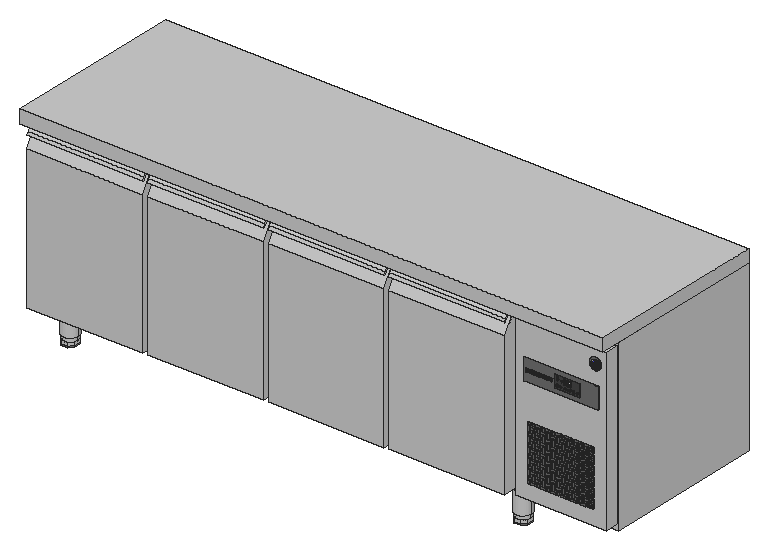
Revit family "QF_HOSHIZAKI_889040822", category Specialty Equipment, Revit 2016 (continued)
Definition of nested family "QF_HOSHIZAKI_889040822_230V_1Ph_50Hz"
  Definition of nested family "Control-panel"
    Forms (mm)
      Extrusion 1, solid
        sketch origin (-3653, 19.5, -135) x (-1, 0, 0) y (0, 0, 1)
          loop
            arc (-3871.5, 317.986) -> (-3875, 321.486) -> (-3878.5, 317.986) r 3.5
            line (-3878.5, 317.986) -> (-3878.5, 299.986)
            arc (-3878.5, 299.986) -> (-3875, 296.486) -> (-3871.5, 299.986) r 3.5
            line (-3871.5, 299.986) -> (-3871.5, 317.986)
          loop
            arc (-3909.5, 317.986) -> (-3913, 321.486) -> (-3916.5, 317.986) r 3.5
            line (-3916.5, 317.986) -> (-3916.5, 299.986)
            arc (-3916.5, 299.986) -> (-3913, 296.486) -> (-3909.5, 299.986) r 3.5
            line (-3909.5, 299.986) -> (-3909.5, 317.986)
          loop
            arc (-3951, 330.986) -> (-3954, 327.986) -> (-3951, 324.986) r 3
            line (-3951, 324.986) -> (-3942, 324.986)
            arc (-3942, 324.986) -> (-3939, 327.986) -> (-3942, 330.986) r 3
            line (-3942, 330.986) -> (-3951, 330.986)
          loop
            arc (-3947.5, 317.986) -> (-3951, 321.486) -> (-3954.5, 317.986) r 3.5
            line (-3954.5, 317.986) -> (-3954.5, 299.986)
            arc (-3954.5, 299.986) -> (-3951, 296.486) -> (-3947.5, 299.986) r 3.5
            line (-3947.5, 299.986) -> (-3947.5, 317.986)
          loop
            arc (-3941, 312.486) -> (-3944.5, 308.986) -> (-3941, 305.486) r 3.5
            line (-3941, 305.486) -> (-3923, 305.486)
            arc (-3923, 305.486) -> (-3919.5, 308.986) -> (-3923, 312.486) r 3.5
            line (-3923, 312.486) -> (-3941, 312.486)
          loop
            arc (-3903, 312.486) -> (-3906.5, 308.986) -> (-3903, 305.486) r 3.5
            line (-3903, 305.486) -> (-3885, 305.486)
            arc (-3885, 305.486) -> (-3881.5, 308.986) -> (-3885, 312.486) r 3.5
            line (-3885, 312.486) -> (-3903, 312.486)
          loop
            arc (-3865, 312.486) -> (-3868.5, 308.986) -> (-3865, 305.486) r 3.5
            line (-3865, 305.486) -> (-3847, 305.486)
            arc (-3847, 305.486) -> (-3843.5, 308.986) -> (-3847, 312.486) r 3.5
            line (-3847, 312.486) -> (-3865, 312.486)
          loop
            arc (-3827, 312.486) -> (-3830.5, 308.986) -> (-3827, 305.486) r 3.5
            line (-3827, 305.486) -> (-3809, 305.486)
            arc (-3809, 305.486) -> (-3805.5, 308.986) -> (-3809, 312.486) r 3.5
            line (-3809, 312.486) -> (-3827, 312.486)
          loop
            arc (-3789, 312.486) -> (-3792.5, 308.986) -> (-3789, 305.486) r 3.5
            line (-3789, 305.486) -> (-3771, 305.486)
            arc (-3771, 305.486) -> (-3767.5, 308.986) -> (-3771, 312.486) r 3.5
            line (-3771, 312.486) -> (-3789, 312.486)
          loop
            arc (-3751, 312.486) -> (-3754.5, 308.986) -> (-3751, 305.486) r 3.5
            line (-3751, 305.486) -> (-3733, 305.486)
            arc (-3733, 305.486) -> (-3729.5, 308.986) -> (-3733, 312.486) r 3.5
            line (-3733, 312.486) -> (-3751, 312.486)
          loop
            arc (-3713, 312.486) -> (-3716.5, 308.986) -> (-3713, 305.486) r 3.5
            line (-3713, 305.486) -> (-3704, 305.486)
            arc (-3704, 305.486) -> (-3700.5, 308.986) -> (-3704, 312.486) r 3.5
            line (-3704, 312.486) -> (-3713, 312.486)
          loop
            line (-3938.025, 302.996) -> (-3945.025, 302.996) -> (-3945.025, 295.996) -> (-3938.025, 295.996) -> (-3938.025, 302.996)
          loop
            line (-3919.025, 302.996) -> (-3926.025, 302.996) -> (-3926.025, 295.996) -> (-3919.025, 295.996) -> (-3919.025, 302.996)
          loop
            line (-3900.025, 302.996) -> (-3907.025, 302.996) -> (-3907.025, 295.996) -> (-3900.025, 295.996) -> (-3900.025, 302.996)
          loop
            line (-3881.025, 302.996) -> (-3888.025, 302.996) -> (-3888.025, 295.996) -> (-3881.025, 295.996) -> (-3881.025, 302.996)
          loop
            line (-3862.025, 302.996) -> (-3869.025, 302.996) -> (-3869.025, 295.996) -> (-3862.025, 295.996) -> (-3862.025, 302.996)
          loop
            line (-3843.025, 302.996) -> (-3850.025, 302.996) -> (-3850.025, 295.996) -> (-3843.025, 295.996) -> (-3843.025, 302.996)
          loop
            line (-3824.025, 302.996) -> (-3831.025, 302.996) -> (-3831.025, 295.996) -> (-3824.025, 295.996) -> (-3824.025, 302.996)
          loop
            line (-3805.025, 302.996) -> (-3812.025, 302.996) -> (-3812.025, 295.996) -> (-3805.025, 295.996) -> (-3805.025, 302.996)
          loop
            line (-3786.025, 302.996) -> (-3793.025, 302.996) -> (-3793.025, 295.996) -> (-3786.025, 295.996) -> (-3786.025, 302.996)
          loop
            line (-3767.025, 302.996) -> (-3774.025, 302.996) -> (-3774.025, 295.996) -> (-3767.025, 295.996) -> (-3767.025, 302.996)
          loop
            line (-3748.025, 302.996) -> (-3755.025, 302.996) -> (-3755.025, 295.996) -> (-3748.025, 295.996) -> (-3748.025, 302.996)
          loop
            line (-3729.025, 302.996) -> (-3736.025, 302.996) -> (-3736.025, 295.996) -> (-3729.025, 295.996) -> (-3729.025, 302.996)
          loop
            line (-3710.025, 302.996) -> (-3717.025, 302.996) -> (-3717.025, 295.996) -> (-3710.025, 295.996) -> (-3710.025, 302.996)
          loop
            line (-3935.5, 298.986) -> (-3935.5, 280.986)
            arc (-3935.5, 280.986) -> (-3932, 277.486) -> (-3928.5, 280.986) r 3.5
            line (-3928.5, 280.986) -> (-3928.5, 298.986)
            arc (-3928.5, 298.986) -> (-3932, 302.486) -> (-3935.5, 298.986) r 3.5
          loop
            line (-3897.5, 298.986) -> (-3897.5, 280.986)
            arc (-3897.5, 280.986) -> (-3894, 277.486) -> (-3890.5, 280.986) r 3.5
            line (-3890.5, 280.986) -> (-3890.5, 298.986)
            arc (-3890.5, 298.986) -> (-3894, 302.486) -> (-3897.5, 298.986) r 3.5
          loop
            line (-3859.5, 298.986) -> (-3859.5, 280.986)
            arc (-3859.5, 280.986) -> (-3856, 277.486) -> (-3852.5, 280.986) r 3.5
            line (-3852.5, 280.986) -> (-3852.5, 298.986)
            arc (-3852.5, 298.986) -> (-3856, 302.486) -> (-3859.5, 298.986) r 3.5
          loop
            line (-3821.5, 298.986) -> (-3821.5, 280.986)
            arc (-3821.5, 280.986) -> (-3818, 277.486) -> (-3814.5, 280.986) r 3.5
            line (-3814.5, 280.986) -> (-3814.5, 298.986)
            arc (-3814.5, 298.986) -> (-3818, 302.486) -> (-3821.5, 298.986) r 3.5
          loop
            line (-3783.5, 298.986) -> (-3783.5, 280.986)
            arc (-3783.5, 280.986) -> (-3780, 277.486) -> (-3776.5, 280.986) r 3.5
            line (-3776.5, 280.986) -> (-3776.5, 298.986)
            arc (-3776.5, 298.986) -> (-3780, 302.486) -> (-3783.5, 298.986) r 3.5
          loop
            line (-3745.5, 298.986) -> (-3745.5, 280.986)
            arc (-3745.5, 280.986) -> (-3742, 277.486) -> (-3738.5, 280.986) r 3.5
            line (-3738.5, 280.986) -> (-3738.5, 298.986)
            arc (-3738.5, 298.986) -> (-3742, 302.486) -> (-3745.5, 298.986) r 3.5
          loop
            line (-3707.5, 298.986) -> (-3707.5, 280.986)
            arc (-3707.5, 280.986) -> (-3704, 277.486) -> (-3700.5, 280.986) r 3.5
            line (-3700.5, 280.986) -> (-3700.5, 298.986)
            arc (-3700.5, 298.986) -> (-3704, 302.486) -> (-3707.5, 298.986) r 3.5
          loop
            arc (-3922, 293.486) -> (-3925.5, 289.986) -> (-3922, 286.486) r 3.5
            line (-3922, 286.486) -> (-3904, 286.486)
            arc (-3904, 286.486) -> (-3900.5, 289.986) -> (-3904, 293.486) r 3.5
            line (-3904, 293.486) -> (-3922, 293.486)
          loop
            arc (-3884, 293.486) -> (-3887.5, 289.986) -> (-3884, 286.486) r 3.5
            line (-3884, 286.486) -> (-3866, 286.486)
            arc (-3866, 286.486) -> (-3862.5, 289.986) -> (-3866, 293.486) r 3.5
            line (-3866, 293.486) -> (-3884, 293.486)
          loop
            arc (-3846, 293.486) -> (-3849.5, 289.986) -> (-3846, 286.486) r 3.5
            line (-3846, 286.486) -> (-3828, 286.486)
            arc (-3828, 286.486) -> (-3824.5, 289.986) -> (-3828, 293.486) r 3.5
            line (-3828, 293.486) -> (-3846, 293.486)
          loop
            arc (-3808, 293.486) -> (-3811.5, 289.986) -> (-3808, 286.486) r 3.5
            line (-3808, 286.486) -> (-3790, 286.486)
            arc (-3790, 286.486) -> (-3786.5, 289.986) -> (-3790, 293.486) r 3.5
            line (-3790, 293.486) -> (-3808, 293.486)
          loop
            arc (-3770, 293.486) -> (-3773.5, 289.986) -> (-3770, 286.486) r 3.5
            line (-3770, 286.486) -> (-3752, 286.486)
            arc (-3752, 286.486) -> (-3748.5, 289.986) -> (-3752, 293.486) r 3.5
            line (-3752, 293.486) -> (-3770, 293.486)
          loop
            arc (-3732, 293.486) -> (-3735.5, 289.986) -> (-3732, 286.486) r 3.5
            line (-3732, 286.486) -> (-3714, 286.486)
            arc (-3714, 286.486) -> (-3710.5, 289.986) -> (-3714, 293.486) r 3.5
            line (-3714, 293.486) -> (-3732, 293.486)
          loop
            line (-3938.025, 276.976) -> (-3938.025, 283.976) -> (-3945.025, 283.976) -> (-3945.025, 276.976) -> (-3938.025, 276.976)
          loop
            line (-3919.025, 276.976) -> (-3919.025, 283.976) -> (-3926.025, 283.976) -> (-3926.025, 276.976) -> (-3919.025, 276.976)
          loop
            line (-3900.025, 276.976) -> (-3900.025, 283.976) -> (-3907.025, 283.976) -> (-3907.025, 276.976) -> (-3900.025, 276.976)
          loop
            line (-3881.025, 276.976) -> (-3881.025, 283.976) -> (-3888.025, 283.976) -> (-3888.025, 276.976) -> (-3881.025, 276.976)
          loop
            line (-3862.025, 276.976) -> (-3862.025, 283.976) -> (-3869.025, 283.976) -> (-3869.025, 276.976) -> (-3862.025, 276.976)
          loop
            line (-3843.025, 276.976) -> (-3843.025, 283.976) -> (-3850.025, 283.976) -> (-3850.025, 276.976) -> (-3843.025, 276.976)
          loop
            line (-3824.025, 276.976) -> (-3824.025, 283.976) -> (-3831.025, 283.976) -> (-3831.025, 276.976) -> (-3824.025, 276.976)
          loop
            line (-3805.025, 276.976) -> (-3805.025, 283.976) -> (-3812.025, 283.976) -> (-3812.025, 276.976) -> (-3805.025, 276.976)
          loop
            line (-3786.025, 276.976) -> (-3786.025, 283.976) -> (-3793.025, 283.976) -> (-3793.025, 276.976) -> (-3786.025, 276.976)
          loop
            line (-3767.025, 276.976) -> (-3767.025, 283.976) -> (-3774.025, 283.976) -> (-3774.025, 276.976) -> (-3767.025, 276.976)
          loop
            line (-3748.025, 276.976) -> (-3748.025, 283.976) -> (-3755.025, 283.976) -> (-3755.025, 276.976) -> (-3748.025, 276.976)
          loop
            line (-3729.025, 276.976) -> (-3729.025, 283.976) -> (-3736.025, 283.976) -> (-3736.025, 276.976) -> (-3729.025, 276.976)
          loop
            line (-3710.025, 276.976) -> (-3710.025, 283.976) -> (-3717.025, 283.976) -> (-3717.025, 276.976) -> (-3710.025, 276.976)
          loop
            arc (-3719.5, 279.986) -> (-3723, 283.486) -> (-3726.5, 279.986) r 3.5
            line (-3726.5, 279.986) -> (-3726.5, 261.986)
            arc (-3726.5, 261.986) -> (-3723, 258.486) -> (-3719.5, 261.986) r 3.5
            line (-3719.5, 261.986) -> (-3719.5, 279.986)
          loop
            arc (-3757.5, 279.986) -> (-3761, 283.486) -> (-3764.5, 279.986) r 3.5
            line (-3764.5, 279.986) -> (-3764.5, 261.986)
            arc (-3764.5, 261.986) -> (-3761, 258.486) -> (-3757.5, 261.986) r 3.5
            line (-3757.5, 261.986) -> (-3757.5, 279.986)
          loop
            arc (-3795.5, 279.986) -> (-3799, 283.486) -> (-3802.5, 279.986) r 3.5
            line (-3802.5, 279.986) -> (-3802.5, 261.986)
            arc (-3802.5, 261.986) -> (-3799, 258.486) -> (-3795.5, 261.986) r 3.5
            line (-3795.5, 261.986) -> (-3795.5, 279.986)
          loop
            arc (-3833.5, 279.986) -> (-3837, 283.486) -> (-3840.5, 279.986) r 3.5
            line (-3840.5, 279.986) -> (-3840.5, 261.986)
            arc (-3840.5, 261.986) -> (-3837, 258.486) -> (-3833.5, 261.986) r 3.5
            line (-3833.5, 261.986) -> (-3833.5, 279.986)
          loop
            arc (-3871.5, 279.986) -> (-3875, 283.486) -> (-3878.5, 279.986) r 3.5
            line (-3878.5, 279.986) -> (-3878.5, 261.986)
            arc (-3878.5, 261.986) -> (-3875, 258.486) -> (-3871.5, 261.986) r 3.5
            line (-3871.5, 261.986) -> (-3871.5, 279.986)
          loop
            arc (-3909.5, 279.986) -> (-3913, 283.486) -> (-3916.5, 279.986) r 3.5
            line (-3916.5, 279.986) -> (-3916.5, 261.986)
            arc (-3916.5, 261.986) -> (-3913, 258.486) -> (-3909.5, 261.986) r 3.5
            line (-3909.5, 261.986) -> (-3909.5, 279.986)
          loop
            arc (-3951, 292.986) -> (-3954, 289.986) -> (-3951, 286.986) r 3
            line (-3951, 286.986) -> (-3942, 286.986)
            arc (-3942, 286.986) -> (-3939, 289.986) -> (-3942, 292.986) r 3
            line (-3942, 292.986) -> (-3951, 292.986)
          loop
            arc (-3947.5, 279.986) -> (-3951, 283.486) -> (-3954.5, 279.986) r 3.5
            line (-3954.5, 279.986) -> (-3954.5, 261.986)
            arc (-3954.5, 261.986) -> (-3951, 258.486) -> (-3947.5, 261.986) r 3.5
            line (-3947.5, 261.986) -> (-3947.5, 279.986)
          loop
            arc (-3941, 274.486) -> (-3944.5, 270.986) -> (-3941, 267.486) r 3.5
            line (-3941, 267.486) -> (-3923, 267.486)
            arc (-3923, 267.486) -> (-3919.5, 270.986) -> (-3923, 274.486) r 3.5
            line (-3923, 274.486) -> (-3941, 274.486)
          loop
            arc (-3903, 274.486) -> (-3906.5, 270.986) -> (-3903, 267.486) r 3.5
            line (-3903, 267.486) -> (-3885, 267.486)
            arc (-3885, 267.486) -> (-3881.5, 270.986) -> (-3885, 274.486) r 3.5
            line (-3885, 274.486) -> (-3903, 274.486)
          loop
            arc (-3865, 274.486) -> (-3868.5, 270.986) -> (-3865, 267.486) r 3.5
            line (-3865, 267.486) -> (-3847, 267.486)
            arc (-3847, 267.486) -> (-3843.5, 270.986) -> (-3847, 274.486) r 3.5
            line (-3847, 274.486) -> (-3865, 274.486)
          loop
            arc (-3827, 274.486) -> (-3830.5, 270.986) -> (-3827, 267.486) r 3.5
            line (-3827, 267.486) -> (-3809, 267.486)
            arc (-3809, 267.486) -> (-3805.5, 270.986) -> (-3809, 274.486) r 3.5
            line (-3809, 274.486) -> (-3827, 274.486)
          loop
            arc (-3789, 274.486) -> (-3792.5, 270.986) -> (-3789, 267.486) r 3.5
            line (-3789, 267.486) -> (-3771, 267.486)
            arc (-3771, 267.486) -> (-3767.5, 270.986) -> (-3771, 274.486) r 3.5
            line (-3771, 274.486) -> (-3789, 274.486)
          loop
            arc (-3751, 274.486) -> (-3754.5, 270.986) -> (-3751, 267.486) r 3.5
            line (-3751, 267.486) -> (-3733, 267.486)
            arc (-3733, 267.486) -> (-3729.5, 270.986) -> (-3733, 274.486) r 3.5
            line (-3733, 274.486) -> (-3751, 274.486)
          loop
            arc (-3713, 274.486) -> (-3716.5, 270.986) -> (-3713, 267.486) r 3.5
            line (-3713, 267.486) -> (-3704, 267.486)
            arc (-3704, 267.486) -> (-3700.5, 270.986) -> (-3704, 274.486) r 3.5
            line (-3704, 274.486) -> (-3713, 274.486)
          loop
            line (-3938.025, 264.996) -> (-3945.025, 264.996) -> (-3945.025, 257.996) -> (-3938.025, 257.996) -> (-3938.025, 264.996)
          loop
            line (-3919.025, 264.996) -> (-3926.025, 264.996) -> (-3926.025, 257.996) -> (-3919.025, 257.996) -> (-3919.025, 264.996)
          loop
            line (-3900.025, 264.996) -> (-3907.025, 264.996) -> (-3907.025, 257.996) -> (-3900.025, 257.996) -> (-3900.025, 264.996)
          loop
            line (-3881.025, 264.996) -> (-3888.025, 264.996) -> (-3888.025, 257.996) -> (-3881.025, 257.996) -> (-3881.025, 264.996)
          loop
            line (-3862.025, 264.996) -> (-3869.025, 264.996) -> (-3869.025, 257.996) -> (-3862.025, 257.996) -> (-3862.025, 264.996)
          loop
            line (-3843.025, 264.996) -> (-3850.025, 264.996) -> (-3850.025, 257.996) -> (-3843.025, 257.996) -> (-3843.025, 264.996)
          loop
            line (-3824.025, 264.996) -> (-3831.025, 264.996) -> (-3831.025, 257.996) -> (-3824.025, 257.996) -> (-3824.025, 264.996)
          loop
            line (-3805.025, 264.996) -> (-3812.025, 264.996) -> (-3812.025, 257.996) -> (-3805.025, 257.996) -> (-3805.025, 264.996)
          loop
            line (-3786.025, 264.996) -> (-3793.025, 264.996) -> (-3793.025, 257.996) -> (-3786.025, 257.996) -> (-3786.025, 264.996)
          loop
            line (-3767.025, 264.996) -> (-3774.025, 264.996) -> (-3774.025, 257.996) -> (-3767.025, 257.996) -> (-3767.025, 264.996)
          loop
            line (-3748.025, 264.996) -> (-3755.025, 264.996) -> (-3755.025, 257.996) -> (-3748.025, 257.996) -> (-3748.025, 264.996)
          loop
            line (-3729.025, 264.996) -> (-3736.025, 264.996) -> (-3736.025, 257.996) -> (-3729.025, 257.996) -> (-3729.025, 264.996)
          loop
            line (-3710.025, 264.996) -> (-3717.025, 264.996) -> (-3717.025, 257.996) -> (-3710.025, 257.996) -> (-3710.025, 264.996)
          loop
            line (-3935.5, 260.986) -> (-3935.5, 242.986)
            arc (-3935.5, 242.986) -> (-3932, 239.486) -> (-3928.5, 242.986) r 3.5
            line (-3928.5, 242.986) -> (-3928.5, 260.986)
            arc (-3928.5, 260.986) -> (-3932, 264.486) -> (-3935.5, 260.986) r 3.5
          loop
            line (-3897.5, 260.986) -> (-3897.5, 242.986)
            arc (-3897.5, 242.986) -> (-3894, 239.486) -> (-3890.5, 242.986) r 3.5
            line (-3890.5, 242.986) -> (-3890.5, 260.986)
            arc (-3890.5, 260.986) -> (-3894, 264.486) -> (-3897.5, 260.986) r 3.5
          loop
            line (-3859.5, 260.986) -> (-3859.5, 242.986)
            arc (-3859.5, 242.986) -> (-3856, 239.486) -> (-3852.5, 242.986) r 3.5
            line (-3852.5, 242.986) -> (-3852.5, 260.986)
            arc (-3852.5, 260.986) -> (-3856, 264.486) -> (-3859.5, 260.986) r 3.5
          loop
            line (-3821.5, 260.986) -> (-3821.5, 242.986)
            arc (-3821.5, 242.986) -> (-3818, 239.486) -> (-3814.5, 242.986) r 3.5
            line (-3814.5, 242.986) -> (-3814.5, 260.986)
            arc (-3814.5, 260.986) -> (-3818, 264.486) -> (-3821.5, 260.986) r 3.5
          loop
            line (-3783.5, 260.986) -> (-3783.5, 242.986)
            arc (-3783.5, 242.986) -> (-3780, 239.486) -> (-3776.5, 242.986) r 3.5
            line (-3776.5, 242.986) -> (-3776.5, 260.986)
            arc (-3776.5, 260.986) -> (-3780, 264.486) -> (-3783.5, 260.986) r 3.5
          loop
            line (-3745.5, 260.986) -> (-3745.5, 242.986)
            arc (-3745.5, 242.986) -> (-3742, 239.486) -> (-3738.5, 242.986) r 3.5
            line (-3738.5, 242.986) -> (-3738.5, 260.986)
            arc (-3738.5, 260.986) -> (-3742, 264.486) -> (-3745.5, 260.986) r 3.5
          loop
            line (-3707.5, 260.986) -> (-3707.5, 242.986)
            arc (-3707.5, 242.986) -> (-3704, 239.486) -> (-3700.5, 242.986) r 3.5
            line (-3700.5, 242.986) -> (-3700.5, 260.986)
            arc (-3700.5, 260.986) -> (-3704, 264.486) -> (-3707.5, 260.986) r 3.5
          loop
            arc (-3922, 255.486) -> (-3925.5, 251.986) -> (-3922, 248.486) r 3.5
            line (-3922, 248.486) -> (-3904, 248.486)
            arc (-3904, 248.486) -> (-3900.5, 251.986) -> (-3904, 255.486) r 3.5
            line (-3904, 255.486) -> (-3922, 255.486)
          loop
            arc (-3884, 255.486) -> (-3887.5, 251.986) -> (-3884, 248.486) r 3.5
            line (-3884, 248.486) -> (-3866, 248.486)
            arc (-3866, 248.486) -> (-3862.5, 251.986) -> (-3866, 255.486) r 3.5
            line (-3866, 255.486) -> (-3884, 255.486)
          loop
            arc (-3846, 255.486) -> (-3849.5, 251.986) -> (-3846, 248.486) r 3.5
            line (-3846, 248.486) -> (-3828, 248.486)
            arc (-3828, 248.486) -> (-3824.5, 251.986) -> (-3828, 255.486) r 3.5
            line (-3828, 255.486) -> (-3846, 255.486)
          loop
            arc (-3808, 255.486) -> (-3811.5, 251.986) -> (-3808, 248.486) r 3.5
            line (-3808, 248.486) -> (-3790, 248.486)
            arc (-3790, 248.486) -> (-3786.5, 251.986) -> (-3790, 255.486) r 3.5
            line (-3790, 255.486) -> (-3808, 255.486)
          loop
            arc (-3770, 255.486) -> (-3773.5, 251.986) -> (-3770, 248.486) r 3.5
            line (-3770, 248.486) -> (-3752, 248.486)
            arc (-3752, 248.486) -> (-3748.5, 251.986) -> (-3752, 255.486) r 3.5
            line (-3752, 255.486) -> (-3770, 255.486)
          loop
            arc (-3732, 255.486) -> (-3735.5, 251.986) -> (-3732, 248.486) r 3.5
            line (-3732, 248.486) -> (-3714, 248.486)
            arc (-3714, 248.486) -> (-3710.5, 251.986) -> (-3714, 255.486) r 3.5
            line (-3714, 255.486) -> (-3732, 255.486)
          loop
            line (-3938.025, 238.976) -> (-3938.025, 245.976) -> (-3945.025, 245.976) -> (-3945.025, 238.976) -> (-3938.025, 238.976)
          loop
            line (-3919.025, 238.976) -> (-3919.025, 245.976) -> (-3926.025, 245.976) -> (-3926.025, 238.976) -> (-3919.025, 238.976)
          loop
            line (-3900.025, 238.976) -> (-3900.025, 245.976) -> (-3907.025, 245.976) -> (-3907.025, 238.976) -> (-3900.025, 238.976)
          loop
            line (-3881.025, 238.976) -> (-3881.025, 245.976) -> (-3888.025, 245.976) -> (-3888.025, 238.976) -> (-3881.025, 238.976)
          loop
            line (-3862.025, 238.976) -> (-3862.025, 245.976) -> (-3869.025, 245.976) -> (-3869.025, 238.976) -> (-3862.025, 238.976)
          loop
            line (-3843.025, 238.976) -> (-3843.025, 245.976) -> (-3850.025, 245.976) -> (-3850.025, 238.976) -> (-3843.025, 238.976)
          loop
            line (-3824.025, 238.976) -> (-3824.025, 245.976) -> (-3831.025, 245.976) -> (-3831.025, 238.976) -> (-3824.025, 238.976)
          loop
            line (-3805.025, 238.976) -> (-3805.025, 245.976) -> (-3812.025, 245.976) -> (-3812.025, 238.976) -> (-3805.025, 238.976)
          loop
            line (-3786.025, 238.976) -> (-3786.025, 245.976) -> (-3793.025, 245.976) -> (-3793.025, 238.976) -> (-3786.025, 238.976)
          loop
            line (-3767.025, 238.976) -> (-3767.025, 245.976) -> (-3774.025, 245.976) -> (-3774.025, 238.976) -> (-3767.025, 238.976)
          loop
            line (-3748.025, 238.976) -> (-3748.025, 245.976) -> (-3755.025, 245.976) -> (-3755.025, 238.976) -> (-3748.025, 238.976)
          loop
            line (-3729.025, 238.976) -> (-3729.025, 245.976) -> (-3736.025, 245.976) -> (-3736.025, 238.976) -> (-3729.025, 238.976)
          loop
            line (-3710.025, 238.976) -> (-3710.025, 245.976) -> (-3717.025, 245.976) -> (-3717.025, 238.976) -> (-3710.025, 238.976)
          loop
            arc (-3719.5, 241.986) -> (-3723, 245.486) -> (-3726.5, 241.986) r 3.5
            line (-3726.5, 241.986) -> (-3726.5, 223.986)
            arc (-3726.5, 223.986) -> (-3723, 220.486) -> (-3719.5, 223.986) r 3.5
            line (-3719.5, 223.986) -> (-3719.5, 241.986)
          loop
            arc (-3757.5, 241.986) -> (-3761, 245.486) -> (-3764.5, 241.986) r 3.5
            line (-3764.5, 241.986) -> (-3764.5, 223.986)
            arc (-3764.5, 223.986) -> (-3761, 220.486) -> (-3757.5, 223.986) r 3.5
            line (-3757.5, 223.986) -> (-3757.5, 241.986)
          loop
            arc (-3795.5, 241.986) -> (-3799, 245.486) -> (-3802.5, 241.986) r 3.5
            line (-3802.5, 241.986) -> (-3802.5, 223.986)
            arc (-3802.5, 223.986) -> (-3799, 220.486) -> (-3795.5, 223.986) r 3.5
            line (-3795.5, 223.986) -> (-3795.5, 241.986)
          loop
            arc (-3833.5, 241.986) -> (-3837, 245.486) -> (-3840.5, 241.986) r 3.5
            line (-3840.5, 241.986) -> (-3840.5, 223.986)
            arc (-3840.5, 223.986) -> (-3837, 220.486) -> (-3833.5, 223.986) r 3.5
            line (-3833.5, 223.986) -> (-3833.5, 241.986)
          loop
            arc (-3871.5, 241.986) -> (-3875, 245.486) -> (-3878.5, 241.986) r 3.5
            line (-3878.5, 241.986) -> (-3878.5, 223.986)
            arc (-3878.5, 223.986) -> (-3875, 220.486) -> (-3871.5, 223.986) r 3.5
            line (-3871.5, 223.986) -> (-3871.5, 241.986)
          loop
            arc (-3909.5, 241.986) -> (-3913, 245.486) -> (-3916.5, 241.986) r 3.5
            line (-3916.5, 241.986) -> (-3916.5, 223.986)
            arc (-3916.5, 223.986) -> (-3913, 220.486) -> (-3909.5, 223.986) r 3.5
            line (-3909.5, 223.986) -> (-3909.5, 241.986)
          loop
            arc (-3951, 254.986) -> (-3954, 251.986) -> (-3951, 248.986) r 3
            line (-3951, 248.986) -> (-3942, 248.986)
            arc (-3942, 248.986) -> (-3939, 251.986) -> (-3942, 254.986) r 3
            line (-3942, 254.986) -> (-3951, 254.986)
          loop
            arc (-3947.5, 241.986) -> (-3951, 245.486) -> (-3954.5, 241.986) r 3.5
            line (-3954.5, 241.986) -> (-3954.5, 223.986)
            arc (-3954.5, 223.986) -> (-3951, 220.486) -> (-3947.5, 223.986) r 3.5
            line (-3947.5, 223.986) -> (-3947.5, 241.986)
          loop
            arc (-3941, 236.486) -> (-3944.5, 232.986) -> (-3941, 229.486) r 3.5
            line (-3941, 229.486) -> (-3923, 229.486)
            arc (-3923, 229.486) -> (-3919.5, 232.986) -> (-3923, 236.486) r 3.5
            line (-3923, 236.486) -> (-3941, 236.486)
          loop
            arc (-3903, 236.486) -> (-3906.5, 232.986) -> (-3903, 229.486) r 3.5
            line (-3903, 229.486) -> (-3885, 229.486)
            arc (-3885, 229.486) -> (-3881.5, 232.986) -> (-3885, 236.486) r 3.5
            line (-3885, 236.486) -> (-3903, 236.486)
          loop
            arc (-3865, 236.486) -> (-3868.5, 232.986) -> (-3865, 229.486) r 3.5
            line (-3865, 229.486) -> (-3847, 229.486)
            arc (-3847, 229.486) -> (-3843.5, 232.986) -> (-3847, 236.486) r 3.5
            line (-3847, 236.486) -> (-3865, 236.486)
          loop
            arc (-3827, 236.486) -> (-3830.5, 232.986) -> (-3827, 229.486) r 3.5
            line (-3827, 229.486) -> (-3809, 229.486)
            arc (-3809, 229.486) -> (-3805.5, 232.986) -> (-3809, 236.486) r 3.5
            line (-3809, 236.486) -> (-3827, 236.486)
          loop
            arc (-3789, 236.486) -> (-3792.5, 232.986) -> (-3789, 229.486) r 3.5
            line (-3789, 229.486) -> (-3771, 229.486)
            arc (-3771, 229.486) -> (-3767.5, 232.986) -> (-3771, 236.486) r 3.5
            line (-3771, 236.486) -> (-3789, 236.486)
          loop
            arc (-3751, 236.486) -> (-3754.5, 232.986) -> (-3751, 229.486) r 3.5
            line (-3751, 229.486) -> (-3733, 229.486)
            arc (-3733, 229.486) -> (-3729.5, 232.986) -> (-3733, 236.486) r 3.5
            line (-3733, 236.486) -> (-3751, 236.486)
          loop
            arc (-3713, 236.486) -> (-3716.5, 232.986) -> (-3713, 229.486) r 3.5
            line (-3713, 229.486) -> (-3704, 229.486)
            arc (-3704, 229.486) -> (-3700.5, 232.986) -> (-3704, 236.486) r 3.5
            line (-3704, 236.486) -> (-3713, 236.486)
          loop
            line (-3938.025, 226.996) -> (-3945.025, 226.996) -> (-3945.025, 219.996) -> (-3938.025, 219.996) -> (-3938.025, 226.996)
          loop
            line (-3919.025, 226.996) -> (-3926.025, 226.996) -> (-3926.025, 219.996) -> (-3919.025, 219.996) -> (-3919.025, 226.996)
          loop
            line (-3900.025, 226.996) -> (-3907.025, 226.996) -> (-3907.025, 219.996) -> (-3900.025, 219.996) -> (-3900.025, 226.996)
          loop
            line (-3881.025, 226.996) -> (-3888.025, 226.996) -> (-3888.025, 219.996) -> (-3881.025, 219.996) -> (-3881.025, 226.996)
          loop
            line (-3862.025, 226.996) -> (-3869.025, 226.996) -> (-3869.025, 219.996) -> (-3862.025, 219.996) -> (-3862.025, 226.996)
          loop
            line (-3843.025, 226.996) -> (-3850.025, 226.996) -> (-3850.025, 219.996) -> (-3843.025, 219.996) -> (-3843.025, 226.996)
          loop
            line (-3824.025, 226.996) -> (-3831.025, 226.996) -> (-3831.025, 219.996) -> (-3824.025, 219.996) -> (-3824.025, 226.996)
          loop
            line (-3805.025, 226.996) -> (-3812.025, 226.996) -> (-3812.025, 219.996) -> (-3805.025, 219.996) -> (-3805.025, 226.996)
          loop
            line (-3786.025, 226.996) -> (-3793.025, 226.996) -> (-3793.025, 219.996) -> (-3786.025, 219.996) -> (-3786.025, 226.996)
          loop
            line (-3767.025, 226.996) -> (-3774.025, 226.996) -> (-3774.025, 219.996) -> (-3767.025, 219.996) -> (-3767.025, 226.996)
          loop
            line (-3748.025, 226.996) -> (-3755.025, 226.996) -> (-3755.025, 219.996) -> (-3748.025, 219.996) -> (-3748.025, 226.996)
          loop
            line (-3729.025, 226.996) -> (-3736.025, 226.996) -> (-3736.025, 219.996) -> (-3729.025, 219.996) -> (-3729.025, 226.996)
          loop
            line (-3710.025, 226.996) -> (-3717.025, 226.996) -> (-3717.025, 219.996) -> (-3710.025, 219.996) -> (-3710.025, 226.996)
          loop
            arc (-3922, 217.486) -> (-3925.5, 213.986) -> (-3922, 210.486) r 3.5
            line (-3922, 210.486) -> (-3904, 210.486)
            arc (-3904, 210.486) -> (-3900.5, 213.986) -> (-3904, 217.486) r 3.5
            line (-3904, 217.486) -> (-3922, 217.486)
          loop
            arc (-3884, 217.486) -> (-3887.5, 213.986) -> (-3884, 210.486) r 3.5
            line (-3884, 210.486) -> (-3866, 210.486)
            arc (-3866, 210.486) -> (-3862.5, 213.986) -> (-3866, 217.486) r 3.5
            line (-3866, 217.486) -> (-3884, 217.486)
          loop
            arc (-3846, 217.486) -> (-3849.5, 213.986) -> (-3846, 210.486) r 3.5
            line (-3846, 210.486) -> (-3828, 210.486)
            arc (-3828, 210.486) -> (-3824.5, 213.986) -> (-3828, 217.486) r 3.5
            line (-3828, 217.486) -> (-3846, 217.486)
          loop
            arc (-3808, 217.486) -> (-3811.5, 213.986) -> (-3808, 210.486) r 3.5
            line (-3808, 210.486) -> (-3790, 210.486)
            arc (-3790, 210.486) -> (-3786.5, 213.986) -> (-3790, 217.486) r 3.5
            line (-3790, 217.486) -> (-3808, 217.486)
          loop
            arc (-3770, 217.486) -> (-3773.5, 213.986) -> (-3770, 210.486) r 3.5
            line (-3770, 210.486) -> (-3752, 210.486)
            arc (-3752, 210.486) -> (-3748.5, 213.986) -> (-3752, 217.486) r 3.5
            line (-3752, 217.486) -> (-3770, 217.486)
          loop
            arc (-3732, 217.486) -> (-3735.5, 213.986) -> (-3732, 210.486) r 3.5
            line (-3732, 210.486) -> (-3714, 210.486)
            arc (-3714, 210.486) -> (-3710.5, 213.986) -> (-3714, 217.486) r 3.5
            line (-3714, 217.486) -> (-3732, 217.486)
          loop
            arc (-3951, 216.986) -> (-3954, 213.986) -> (-3951, 210.986) r 3
            line (-3951, 210.986) -> (-3942, 210.986)
            arc (-3942, 210.986) -> (-3939, 213.986) -> (-3942, 216.986) r 3
            line (-3942, 216.986) -> (-3951, 216.986)
          loop
            arc (-3701, 223.486) -> (-3704, 226.486) -> (-3707, 223.486) r 3
            line (-3707, 223.486) -> (-3707, 214.486)
            arc (-3707, 214.486) -> (-3704, 211.486) -> (-3701, 214.486) r 3
            line (-3701, 214.486) -> (-3701, 223.486)
          loop
            arc (-3739, 223.486) -> (-3742, 226.486) -> (-3745, 223.486) r 3
            line (-3745, 223.486) -> (-3745, 214.486)
            arc (-3745, 214.486) -> (-3742, 211.486) -> (-3739, 214.486) r 3
            line (-3739, 214.486) -> (-3739, 223.486)
          loop
            arc (-3777, 223.486) -> (-3780, 226.486) -> (-3783, 223.486) r 3
            line (-3783, 223.486) -> (-3783, 214.486)
            arc (-3783, 214.486) -> (-3780, 211.486) -> (-3777, 214.486) r 3
            line (-3777, 214.486) -> (-3777, 223.486)
          loop
            arc (-3815, 223.486) -> (-3818, 226.486) -> (-3821, 223.486) r 3
            line (-3821, 223.486) -> (-3821, 214.486)
            arc (-3821, 214.486) -> (-3818, 211.486) -> (-3815, 214.486) r 3
            line (-3815, 214.486) -> (-3815, 223.486)
          loop
            arc (-3853, 223.486) -> (-3856, 226.486) -> (-3859, 223.486) r 3
            line (-3859, 223.486) -> (-3859, 214.486)
            arc (-3859, 214.486) -> (-3856, 211.486) -> (-3853, 214.486) r 3
            line (-3853, 214.486) -> (-3853, 223.486)
          loop
            arc (-3891, 223.486) -> (-3894, 226.486) -> (-3897, 223.486) r 3
            line (-3897, 223.486) -> (-3897, 214.486)
            arc (-3897, 214.486) -> (-3894, 211.486) -> (-3891, 214.486) r 3
            line (-3891, 214.486) -> (-3891, 223.486)
          loop
            arc (-3929, 223.486) -> (-3932, 226.486) -> (-3935, 223.486) r 3
            line (-3935, 223.486) -> (-3935, 214.486)
            arc (-3935, 214.486) -> (-3932, 211.486) -> (-3929, 214.486) r 3
            line (-3929, 214.486) -> (-3929, 223.486)
        from 5.5 to 7.5
      Extrusion 2, solid
        sketch origin (-1812, 19.5, -302.5) x (-1, 0, 0) y (0, 0, 1)
          loop
            line (-2131, 808) -> (-2131, 731)
            arc (-2131, 731) -> (-2130.121, 728.879) -> (-2128, 728) r 3
            line (-2128, 728) -> (-1845, 728)
            arc (-1845, 728) -> (-1842.879, 728.879) -> (-1842, 731) r 3
            line (-1842, 731) -> (-1842, 808)
            arc (-1842, 808) -> (-1842.879, 810.121) -> (-1845, 811) r 3
            line (-1845, 811) -> (-2128, 811)
            arc (-2128, 811) -> (-2130.121, 810.121) -> (-2131, 808) r 3
        from 5.5 to 7.5
      Extrusion 3, solid
        sketch origin (-1721.829, 19.5, -302.5) x (-1, 0, 0) y (0, 0, 1)
          loop
            line (-1873, 793) -> (-1968.159, 793) -> (-1968.159, 746) -> (-1873, 746) -> (-1873, 793)
        from 5 to 7.5
      Extrusion 4, solid, visible <- "Show Logo"
        sketch origin (-1807, 19.5, -188.5) x (-1, 0, 0) y (0, 0, 1)
          loop
            circle (-2113.5, 769.5) r 13.99
        from 4.5 to 6
      Extrusion 5, solid, visible <- "Show Logo"
        sketch origin (-1807, 19.5, -188.5) x (-1, 0, 0) y (0, 0, 1)
          loop
            circle (-2113.5, 769.5) r 15
          loop
            line (-2126.5, 769.5) -> (-2120.846, 773.459) -> (-2118.907, 773.459) -> (-2118.036, 763.497) -> (-2119.632, 763.497) -> (-2117.808, 760.891) -> (-2122.091, 759.743)
            arc (-2122.091, 759.743) -> (-2112.99, 756.51) -> (-2104.171, 760.446) r 13
            line (-2104.171, 760.446) -> (-2111.913, 760.446) -> (-2113.024, 758.523) -> (-2117.6, 758.523) -> (-2113.951, 764.843) -> (-2112.168, 762.297) -> (-2110.969, 763.497) -> (-2112.161, 767.945) -> (-2112.983, 771.014) -> (-2114.045, 774.979) -> (-2115.629, 777.241) -> (-2111.344, 777.241) -> (-2110.01, 772.26) -> (-2108.361, 772.26) -> (-2107.029, 770.928) -> (-2104.038, 769.201) -> (-2103.03, 765.437) -> (-2100.604, 767.863)
            arc (-2100.604, 767.863) -> (-2112.68, 782.474) -> (-2126.5, 769.5) r 13
          loop
            arc (-2125.531, 764.467) -> (-2124.506, 762.602) -> (-2123.241, 760.891) r 15.828
            line (-2123.241, 760.891) -> (-2121.071, 768.926) -> (-2125.531, 764.467)
          loop
            line (-2109.801, 769.877) -> (-2109.801, 764.664) -> (-2108.483, 768.285) -> (-2106.744, 769.399) -> (-2109.801, 769.877)
          loop
            line (-2108.558, 762.979) -> (-2105.47, 762.035) -> (-2104.504, 761.224) -> (-2103.812, 761.916) -> (-2105.089, 763.908) -> (-2108.558, 762.979)
          loop
            line (-2110.775, 779.307) -> (-2108.457, 780.388) -> (-2110.775, 781.009) -> (-2110.775, 779.307)
          loop
            line (-2113.024, 781.662) -> (-2115.087, 781.11) -> (-2114.199, 779.205) -> (-2112.584, 779.638) -> (-2113.79, 780.335) -> (-2113.024, 781.662)
          loop
            line (-2113.762, 753.783) -> (-2114.844, 752.701) -> (-2116.385, 752.701) -> (-2115.329, 751.645) -> (-2115.642, 749.874) -> (-2113.762, 750.959) -> (-2111.881, 749.874) -> (-2112.194, 751.645) -> (-2111.138, 752.701) -> (-2112.679, 752.701) -> (-2113.762, 753.783)
          loop
            line (-2126.524, 760.7) -> (-2128.032, 760.965) -> (-2128.916, 762.228) -> (-2129.176, 760.757) -> (-2130.805, 759.997) -> (-2128.838, 759.08) -> (-2128.648, 756.917) -> (-2127.377, 758.188) -> (-2125.906, 757.929) -> (-2126.79, 759.191) -> (-2126.524, 760.7)
          loop
            line (-2120.989, 755.68) -> (-2122.45, 755.219) -> (-2123.816, 755.931) -> (-2123.367, 754.507) -> (-2124.462, 753.08) -> (-2122.293, 753.175) -> (-2121.127, 751.344) -> (-2120.586, 753.059) -> (-2119.162, 753.508) -> (-2120.529, 754.219) -> (-2120.989, 755.68)
          loop
            line (-2100.476, 760.7) -> (-2100.21, 759.191) -> (-2101.094, 757.929) -> (-2099.623, 758.188) -> (-2098.352, 756.917) -> (-2098.162, 759.08) -> (-2096.195, 759.997) -> (-2097.824, 760.757) -> (-2098.084, 762.228) -> (-2098.968, 760.965) -> (-2100.476, 760.7)
          loop
            line (-2106.011, 755.68) -> (-2106.471, 754.219) -> (-2107.838, 753.508) -> (-2106.414, 753.059) -> (-2105.873, 751.344) -> (-2104.707, 753.175) -> (-2102.538, 753.08) -> (-2103.633, 754.507) -> (-2103.184, 755.931) -> (-2104.55, 755.219) -> (-2106.011, 755.68)
        from 4 to 6
      Extrusion 6, solid, visible <- "Show Logo"
        sketch origin (-1807, 19.5, -188.5) x (-1, 0, 0) y (0, 0, 1)
          loop
            line (-2110.775, 781.009) -> (-2112.201, 782.435)
            arc (-2112.201, 782.435) -> (-2113.187, 782.496) -> (-2114.172, 782.435) r 8.046
            arc (-2114.172, 782.435) -> (-2116.517, 781.025) -> (-2117.04, 778.339) r 3.366
            line (-2117.04, 778.339) -> (-2118.907, 773.459) -> (-2117.808, 760.891) -> (-2119.436, 758.565) -> (-2117.576, 758.565) -> (-2113.951, 764.843) -> (-2112.168, 762.297) -> (-2110.969, 763.497) -> (-2114.045, 774.979) -> (-2115.629, 777.241) -> (-2111.299, 777.241) -> (-2110.775, 779.307) -> (-2110.775, 781.009)
          loop
            line (-2116.531, 758.523) -> (-2117.14, 757.468) -> (-2111.822, 757.468) -> (-2112.761, 758.407) -> (-2109.605, 758.407) -> (-2110.682, 759.485) -> (-2112.469, 759.485) -> (-2113.024, 758.523) -> (-2116.531, 758.523)
          loop
            line (-2113.024, 781.662) -> (-2115.087, 781.11) -> (-2114.199, 779.205) -> (-2112.584, 779.638) -> (-2113.79, 780.335) -> (-2113.024, 781.662)
        from 4 to 6
      Extrusion 7, solid, visible <- "Show Logo"
        sketch origin (-1807, 19.5, -188.5) x (-1, 0, 0) y (0, 0, 1)
          loop
            circle (-2113.5, 769.5) r 22.5
        from 5 to 7.5
      Extrusion 8, solid
        sketch origin (-1721.829, 19.5, -302.5) x (-1, 0, 0) y (0, 0, 1)
          loop
            line (-1897.356, 754.233) -> (-1901.676, 760.18) -> (-1902.485, 759.592) -> (-1897.356, 752.532) -> (-1892.226, 759.592) -> (-1893.035, 760.18) -> (-1897.356, 754.233)
          loop
            line (-1895.298, 779.667) -> (-1903.298, 779.667) -> (-1899.298, 774.161) -> (-1895.298, 779.667)
          loop
            arc (-1884, 780.828) -> (-1883, 775) -> (-1882, 780.828) r 3
            line (-1882, 780.828) -> (-1882, 789)
            arc (-1882, 789) -> (-1883, 790) -> (-1884, 789) r 1
            line (-1884, 789) -> (-1884, 780.828)
          loop
            line (-1936.977, 758.753) -> (-1936.977, 757.753) -> (-1935.558, 757.753) -> (-1935.558, 753.753) -> (-1934.558, 753.753) -> (-1934.558, 757.753) -> (-1933.139, 757.753) -> (-1933.139, 758.753) -> (-1936.977, 758.753)
          loop
            line (-1932.115, 758.753) -> (-1932.115, 757.753) -> (-1929.56, 757.753) -> (-1929.56, 756.753) -> (-1932.115, 756.753) -> (-1932.115, 755.753) -> (-1929.56, 755.753) -> (-1929.56, 754.846) -> (-1932.115, 754.846) -> (-1932.115, 753.959) -> (-1928.597, 753.959) -> (-1928.597, 758.753) -> (-1932.115, 758.753)
          loop
            arc (-1924.65, 754.079) -> (-1924.044, 754.636) -> (-1923.817, 755.427) r 1.523
            line (-1923.817, 755.427) -> (-1924.894, 755.427)
            arc (-1924.894, 755.427) -> (-1925.223, 754.677) -> (-1926.036, 754.57) r 0.834
            arc (-1926.036, 754.57) -> (-1926.426, 755.149) -> (-1926.036, 755.728) r 0.624
            line (-1926.036, 755.728) -> (-1924.4, 756.389)
            arc (-1924.4, 756.389) -> (-1923.819, 757.429) -> (-1924.4, 758.468) r 1.22
            arc (-1924.4, 758.468) -> (-1925.609, 758.837) -> (-1926.845, 758.566) r 2.5
            arc (-1926.845, 758.566) -> (-1927.43, 758.007) -> (-1927.61, 757.218) r 1.408
            line (-1927.61, 757.218) -> (-1926.501, 757.218)
            arc (-1926.501, 757.218) -> (-1926.119, 757.761) -> (-1925.46, 757.843) r 0.819
            arc (-1925.46, 757.843) -> (-1925.082, 757.298) -> (-1925.527, 756.805) r 0.534
            arc (-1925.527, 756.805) -> (-1926.174, 756.645) -> (-1926.79, 756.389) r 4.401
            arc (-1926.79, 756.389) -> (-1927.499, 755.234) -> (-1926.79, 754.079) r 1.296
            arc (-1926.79, 754.079) -> (-1925.72, 753.823) -> (-1924.65, 754.079) r 2.364
          loop
            line (-1958.87, 752.532) -> (-1958.87, 755.934)
            arc (-1958.87, 755.934) -> (-1958.222, 756.503) -> (-1957.723, 757.207) r 3.697
            arc (-1957.723, 757.207) -> (-1957.553, 757.851) -> (-1957.699, 758.502) r 1.401
            arc (-1957.699, 758.502) -> (-1958.144, 759.265) -> (-1958.709, 759.944) r 5.307
            arc (-1958.709, 759.944) -> (-1959.239, 760.424) -> (-1959.82, 760.841) r 6.284
            arc (-1959.82, 760.841) -> (-1960.356, 760.997) -> (-1960.892, 760.841) r 1
            arc (-1960.892, 760.841) -> (-1961.473, 760.424) -> (-1962.003, 759.944) r 6.284
            arc (-1962.003, 759.944) -> (-1962.568, 759.265) -> (-1963.013, 758.502) r 5.307
            arc (-1963.013, 758.502) -> (-1963.159, 757.851) -> (-1962.988, 757.207) r 1.401
            arc (-1962.988, 757.207) -> (-1962.49, 756.503) -> (-1961.842, 755.934) r 3.697
            line (-1961.842, 755.934) -> (-1961.842, 752.532) -> (-1958.87, 752.532)
          loop
            line (-1882.858, 757.309) -> (-1881.853, 757.309) -> (-1881.853, 762) -> (-1882.858, 762) -> (-1882.858, 757.309)
          loop
            line (-1881.418, 759.222) -> (-1881.418, 760.609)
            arc (-1881.418, 760.609) -> (-1882.356, 752) -> (-1883.294, 760.609) r 4.356
            line (-1883.294, 760.609) -> (-1883.294, 759.222)
            arc (-1883.294, 759.222) -> (-1882.356, 753.34) -> (-1881.418, 759.222) r 3.016
          loop
            line (-1942.482, 755.817) -> (-1943.482, 755.817) -> (-1943.482, 752.817) -> (-1942.482, 752.817) -> (-1942.482, 755.817)
          loop
            line (-1944.856, 754.447) -> (-1945.856, 754.447) -> (-1945.856, 751.447) -> (-1944.856, 751.447) -> (-1944.856, 754.447)
          loop
            line (-1948.23, 755.817) -> (-1948.23, 752.817) -> (-1947.23, 752.817) -> (-1947.23, 755.817) -> (-1948.23, 755.817)
          loop
            line (-1945.356, 755.607) -> (-1942.858, 757.356) -> (-1943.431, 758.175) -> (-1945.356, 756.827) -> (-1947.28, 758.175) -> (-1947.854, 757.356) -> (-1945.356, 755.607)
          loop
            line (-1945.356, 758.296) -> (-1943.128, 760.523) -> (-1943.835, 761.23) -> (-1945.356, 759.71) -> (-1946.876, 761.23) -> (-1947.583, 760.523) -> (-1945.356, 758.296)
          loop
            line (-1912.356, 758.479) -> (-1908.035, 752.532) -> (-1907.226, 753.12) -> (-1912.356, 760.18) -> (-1917.485, 753.12) -> (-1916.676, 752.532) -> (-1912.356, 758.479)
          loop
            line (-1919.965, 768) -> (-1908.298, 768) -> (-1908.298, 779.667) -> (-1916.632, 779.667) -> (-1916.632, 784.667) -> (-1908.298, 784.667) -> (-1908.298, 788) -> (-1919.965, 788) -> (-1919.965, 776.333) -> (-1911.632, 776.333) -> (-1911.632, 771.333) -> (-1919.965, 771.333) -> (-1919.965, 768)
          loop
            line (-1934.965, 768) -> (-1923.298, 768) -> (-1923.298, 779.667) -> (-1931.632, 779.667) -> (-1931.632, 784.667) -> (-1923.298, 784.667) -> (-1923.298, 788) -> (-1934.965, 788) -> (-1934.965, 776.333) -> (-1926.632, 776.333) -> (-1926.632, 771.333) -> (-1934.965, 771.333) -> (-1934.965, 768)
        from 5 to 7.5
      Extrusion 9, solid, visible <- "Show Logo"
        sketch origin (5.605, 25.5, -94.508) x (-1, 0, 0) y (0, 0, 1)
          loop
            line (-34.966, 567.015) -> (-40.766, 567.015) -> (-40.766, 565.73) -> (-38.944, 564.902) -> (-38.944, 562.682) -> (-43.554, 562.682) -> (-43.554, 564.902) -> (-41.731, 565.73) -> (-41.731, 567.015) -> (-47.532, 567.015) -> (-47.532, 565.73) -> (-46.098, 564.902) -> (-46.098, 558.114) -> (-47.532, 557.286) -> (-47.532, 556) -> (-41.731, 556) -> (-41.731, 557.286) -> (-43.554, 558.114) -> (-43.554, 560.673) -> (-38.944, 560.673) -> (-38.944, 558.114) -> (-40.766, 557.286) -> (-40.766, 556) -> (-34.966, 556) -> (-34.966, 557.286) -> (-36.4, 558.114) -> (-36.4, 564.902) -> (-34.966, 565.73) -> (-34.966, 567.015)
          loop
            spline (-53.399, 556.042) -> (-51.878, 556.229) -> (-50.461, 556.777) -> (-49.244, 557.649) -> (-48.31, 558.785) -> (-47.723, 560.108) -> (-47.523, 561.528) -> (-47.723, 562.949) -> (-48.31, 564.272) -> (-49.244, 565.408) -> (-50.461, 566.28) -> (-51.878, 566.828) -> (-53.399, 567.015)
            spline (-53.399, 567.015) -> (-54.92, 566.828) -> (-56.337, 566.28) -> (-57.554, 565.408) -> (-58.488, 564.272) -> (-59.075, 562.949) -> (-59.276, 561.528) -> (-59.075, 560.108) -> (-58.488, 558.785) -> (-57.554, 557.649) -> (-56.337, 556.777) -> (-54.92, 556.229) -> (-53.399, 556.042)
          loop
            spline (-53.299, 557.388) -> (-52.547, 557.529) -> (-51.847, 557.943) -> (-51.245, 558.601) -> (-50.784, 559.458) -> (-50.493, 560.457) -> (-50.394, 561.528) -> (-50.493, 562.6) -> (-50.784, 563.598) -> (-51.245, 564.456) -> (-51.847, 565.114) -> (-52.547, 565.527) -> (-53.299, 565.668)
            spline (-53.299, 565.668) -> (-54.051, 565.527) -> (-54.752, 565.114) -> (-55.353, 564.456) -> (-55.815, 563.598) -> (-56.105, 562.6) -> (-56.204, 561.528) -> (-56.105, 560.457) -> (-55.815, 559.458) -> (-55.353, 558.601) -> (-54.752, 557.943) -> (-54.051, 557.529) -> (-53.299, 557.388)
          loop
            line (-69.829, 567.094) -> (-69.829, 563.369) -> (-68.139, 563.369) -> (-66.541, 565.495)
            arc (-66.541, 565.495) -> (-65.019, 565.695) -> (-63.498, 565.495) r 5.879
            arc (-63.498, 565.495) -> (-62.682, 564.432) -> (-63.498, 563.369) r 1.1
            line (-63.498, 563.369) -> (-69.29, 561.817)
            arc (-69.29, 561.817) -> (-70.234, 559.317) -> (-69.29, 556.817) r 3.783
            arc (-69.29, 556.817) -> (-65.84, 555.742) -> (-62.391, 556.817) r 6.071
            line (-62.391, 556.817) -> (-61.743, 556.17) -> (-59.855, 556.17) -> (-59.855, 559.779) -> (-61.862, 559.779) -> (-63.839, 557.802)
            arc (-63.839, 557.802) -> (-65.344, 557.537) -> (-66.85, 557.802) r 4.401
            arc (-66.85, 557.802) -> (-67.476, 558.697) -> (-66.85, 559.592) r 0.953
            line (-66.85, 559.592) -> (-61.612, 561.499)
            arc (-61.612, 561.499) -> (-59.989, 563.999) -> (-61.612, 566.499) r 2.737
            arc (-61.612, 566.499) -> (-64.578, 567.129) -> (-67.544, 566.499) r 7.289
            line (-67.544, 566.499) -> (-68.139, 567.094) -> (-69.829, 567.094)
          loop
            line (-71.301, 567.015) -> (-77.102, 567.015) -> (-77.102, 565.73) -> (-75.279, 564.902) -> (-75.279, 562.682) -> (-79.89, 562.682) -> (-79.89, 564.902) -> (-78.067, 565.73) -> (-78.067, 567.015) -> (-83.867, 567.015) -> (-83.867, 565.73) -> (-82.433, 564.902) -> (-82.433, 558.114) -> (-83.867, 557.286) -> (-83.867, 556) -> (-78.067, 556) -> (-78.067, 557.286) -> (-79.89, 558.114) -> (-79.89, 560.673) -> (-75.279, 560.673) -> (-75.279, 558.114) -> (-77.102, 557.286) -> (-77.102, 556) -> (-71.301, 556) -> (-71.301, 557.286) -> (-72.736, 558.114) -> (-72.736, 564.902) -> (-71.301, 565.73) -> (-71.301, 567.015)
          loop
            line (-90.776, 567.015) -> (-90.776, 565.73) -> (-89.342, 564.902) -> (-89.342, 558.114) -> (-90.776, 557.286) -> (-90.776, 556) -> (-84.989, 556) -> (-84.989, 557.286) -> (-86.423, 558.114) -> (-86.423, 564.902) -> (-84.989, 565.73) -> (-84.989, 567.015) -> (-90.776, 567.015)
          loop
            line (-92.073, 567.015) -> (-101.842, 567.015) -> (-101.842, 565.297) -> (-95.543, 557.791) -> (-98.873, 557.791) -> (-100.144, 558.681) -> (-100.144, 560.456) -> (-101.842, 560.456) -> (-101.842, 556) -> (-92.073, 556) -> (-92.073, 557.791) -> (-97.907, 564.744) -> (-97.907, 565.637) -> (-94.625, 565.637) -> (-93.746, 564.758) -> (-93.746, 562.341) -> (-92.073, 562.341) -> (-92.073, 567.015)
          loop
            line (-102.808, 556) -> (-102.808, 557.427) -> (-103.934, 557.427) -> (-107.808, 567.015) -> (-109.97, 567.015) -> (-113.886, 557.791) -> (-114.741, 557.791) -> (-114.741, 556) -> (-109.113, 556) -> (-109.113, 557.427) -> (-110.221, 557.427) -> (-111.13, 558.335) -> (-110.247, 559.596) -> (-106.153, 559.596) -> (-105.593, 558.058) -> (-106.224, 557.427) -> (-107.808, 557.427) -> (-107.808, 556) -> (-102.808, 556)
          loop
            line (-115.159, 567.015) -> (-120.444, 567.015) -> (-120.444, 565.595) -> (-119.405, 565.595) -> (-119.405, 561.351) -> (-123.648, 565.595) -> (-122.274, 565.595) -> (-122.274, 567.015) -> (-127.274, 567.015) -> (-127.274, 565.595) -> (-125.79, 565.595) -> (-123.002, 562.806) -> (-127.274, 557.791) -> (-128.486, 557.791) -> (-128.486, 556) -> (-122.274, 556) -> (-122.274, 557.791) -> (-123.993, 557.791) -> (-120.99, 560.794) -> (-119.405, 559.209) -> (-119.405, 557.791) -> (-120.444, 557.791) -> (-120.444, 556) -> (-115.444, 556) -> (-115.444, 557.791) -> (-116.869, 557.791) -> (-116.869, 565.595) -> (-115.159, 565.595) -> (-115.159, 567.015)
          loop
            line (-135, 567.015) -> (-135, 565.73) -> (-133.566, 564.902) -> (-133.566, 558.114) -> (-135, 557.286) -> (-135, 556) -> (-129.213, 556) -> (-129.213, 557.286) -> (-130.648, 558.114) -> (-130.648, 564.902) -> (-129.213, 565.73) -> (-129.213, 567.015) -> (-135, 567.015)
          loop
            line (-108.15, 564.538) -> (-109.61, 561.096) -> (-106.759, 561.096) -> (-108.15, 564.538)
        from 1 to -1
    Dimensions and locks
      plane 4 to plane 2 = 650 mm
      plane 4 to level = 650 mm
      aligned and locked: level to plane 2
Definition of nested family "QF_HOSHIZAKI_ADVANCE_REF-COUNTER-WORKTOPS"
  Parameters (values of type "760660203")
    Worktop without backsplash = yes
    Worktop with backsplash = no
    Worktop thickness [instance] = 50 mm
    Without worktop = no
    Weight [instance] = 0.00 kg
    URL Cutsheet [instance] = ""
    URL = "www.hoshizaki-europe.com"
    Status [instance] = ""
    Specification by User [instance] = ""
    Specification by Manufacturer [instance] = ""
    Serial Number [instance] = ""
    Seismic Rating [instance] = ""
    SMACNA No [instance] = ""
    Revision Code [instance] = ""
    NAFEM Spec ID Number [instance] = ""
    Model = "760660203"
    Masterspec [instance] = ""
    Manufacturer = "HOSHIZAKI"
    Length Actual [instance] = 2246 mm
    Item Number [instance] = ""
    Installed By [instance] = ""
    Identify Quantity as Lot [instance] = no
    Height Actual [instance] = 50 mm
    Furnished By [instance] = ""
    Foodservice Equipment Identifier [instance] = no
    Description = "FLAT WORKTOP FOR ACR 225 (AISI 430)"
    Depth Actual [instance] = 700 mm
    Cost = 0
    CSI MasterFormat [instance] = ""
    Backsplash thickness [instance] = 20 mm
    Backsplash height [instance] = 100 mm
    Assembly Code = "E1090320"
    Accessory [instance] = yes
  Reference planes
    plane 1 "Back": y = 0
    plane 2: z = 0
    plane 3 "Left": x = 0
    plane 4 "Right": x = 2246
    plane 5 "Front": y = -700
    plane 6 "Top": z = 50
    plane 7 "Backsplash thickness": y = -20
    plane 8 "Upright height": z = 150
    plane 9 "Center Left Right": x = 1123
  Forms (mm)
    Extrusion 1, solid, visible <- "Worktop with backsplash"
      sketch origin (0, 0, 0) x (0, 1, 0) y (0, 0, 1)
        loop
          line (0, 150) -> (-20, 150) -> (-20, 50) -> (-700, 50) -> (-700, 0) -> (0, 0) -> (0, 150)
      from 0 to 2246
    Extrusion 2, solid, visible <- "Worktop without backsplash"
      sketch origin (0, 0, 0) x (0, 1, 0) y (0, 0, 1)
        loop
          line (0, 0) -> (0, 50) -> (-700, 50) -> (-700, 0) -> (0, 0)
      from 0 to 2246
  Lines and regions (mm)
    Masking region 1, visible <- "Worktop with backsplash"
      outline origin (0, 0, 50) x (0, 1, 0) y (-1, 0, 0)
        loop
          line (0, 0) -> (-700, 0) -> (-700, -2246) -> (0, -2246) -> (0, 0)
    Masking region 2, visible <- "Worktop without backsplash"
      outline origin (0, 0, 50) x (0, 1, 0) y (-1, 0, 0)
        loop
          line (0, 0) -> (-700, 0) -> (-700, -2246) -> (0, -2246) -> (0, 0)
    symbolic lines, visible <- "Worktop with backsplash"
      curve 1: line (0, 0, 0) -> (2246, 0, 0)
      curve 2: line (2246, 0, 0) -> (2246, -700, 0)
      curve 3: line (2246, -700, 0) -> (0, -700, 0)
      curve 4: line (0, -700, 0) -> (0, 0, 0)
      curve 5: line (0, -20, 0) -> (2246, -20, 0)
    symbolic lines, visible <- "Worktop without backsplash"
      curve 6: line (0, 0, 0) -> (2246, 0, 0)
      curve 7: line (2246, 0, 0) -> (2246, -700, 0)
      curve 8: line (2246, -700, 0) -> (0, -700, 0)
      curve 9: line (0, -700, 0) -> (0, 0, 0)
    symbolic lines, visible <- "Without worktop"
      curve 10: line (0, 0, 0) -> (2246, 0, 0)
      curve 11: line (2246, 0, 0) -> (2246, -700, 0)
      curve 12: line (2246, -700, 0) -> (0, -700, 0)
      curve 13: line (0, -700, 0) -> (0, 0, 0)
    reference lines
      curve 14: line (1123, 0, 150) -> (1123, -20, 150)
      curve 15: line (0, -700, 50) -> (2246, -700, 50)
      curve 16: line (2246, -700, 50) -> (2246, 0, 50)
      curve 17: line (0, -700, 50) -> (0, 0, 50)
      curve 18: line (0, 0, 50) -> (2246, 0, 50)
      curve 19: line (1123, 0, 50) -> (1123, -700, 50)
  Dimensions and locks
    "Length Actual": plane 3 "Left" to plane 4 "Right"
    "Depth Actual": plane 5 "Front" to plane 1 "Back"
    "Backsplash thickness": plane 7 "Backsplash thickness" to plane 1 "Back"
    "Backsplash height": plane 8 "Upright height" to plane 6 "Top"
    "Backsplash height": curve 14 to plane 6 "Top"
    "Depth Actual": curve 15 to plane 1 "Back"
    "Length Actual": plane 3 "Left" to curve 16
    "Length Actual": curve 17 to plane 4 "Right"
    "Depth Actual": curve 18 to plane 5 "Front"
    equal spacing: plane 3 "Left", plane 9 "Center Left Right", plane 4 "Right"
    "Worktop thickness": plane 6 "Top" to plane 2
    "Worktop thickness": curve 19 to plane 2
    aligned and locked: level to plane 2
    aligned and locked: Extrusion 1 to plane 4 "Right"
    aligned and locked: Extrusion 1 sketch curve to plane 7 "Backsplash thickness"
    aligned and locked: curve 5 to plane 7 "Backsplash thickness"
    aligned and locked: plane 8 "Upright height" to Extrusion 1 sketch curve
    aligned and locked: plane 6 "Top" to Extrusion 1 sketch curve
    aligned and locked: plane 6 "Top" to Extrusion 2 sketch curve
    aligned and locked: Extrusion 2 sketch curve to plane 1 "Back"
    aligned and locked: Extrusion 2 sketch curve to plane 5 "Front"
    aligned and locked: Extrusion 2 to plane 4 "Right"
    aligned and locked: Masking region 1 sketch curve to Extrusion 1  (x4)
    aligned and locked: Masking region 2 sketch curve to Extrusion 1  (x4)
    aligned and locked: Extrusion 2 sketch curve to plane 2
    aligned and locked: Extrusion 1 sketch curve to plane 2
  Automatic sketch dimensions
    plane 1 "Back" to curve 1 = 0 mm
    curve 13 to plane 3 "Left" = 0 mm
    curve 7 to plane 4 "Right" = 0 mm
    curve 13 to plane 5 "Front" = 0 mm
    Extrusion 1 sketch curve to plane 1 "Back" = 0 mm
    plane 5 "Front" to Extrusion 1 sketch curve = 0 mm
    curve 19 to plane 1 "Back" = 0 mm
    curve 14 to plane 1 "Back" = 0 mm
    curve 14 to plane 7 "Backsplash thickness" = 0 mm
    curve 19 to plane 5 "Front" = 0 mm
Definition of nested family "QF_HOSHIZAKI_ADVANCE_REF-COUNTER-DOORS-DRAWERS"
  Parameters (values of type "760660485-R")
    Weight [instance] = 0.00 kg
    URL Cutsheet [instance] = ""
    URL = "www.hoshizaki-europe.com"
    Status [instance] = ""
    Specification by User [instance] = ""
    Specification by Manufacturer [instance] = ""
    Serial Number [instance] = ""
    Seismic Rating [instance] = ""
    Section size [instance] = 446 mm
    Section [instance] = 2
    SMACNA No [instance] = ""
    Right hand hinged glass door [instance] = Section = 7  # no
    Right hand hinged door [instance] = Section = 2  # yes
    Revision Code [instance] = ""
    NAFEM Spec ID Number [instance] = ""
    Model = "760660485"
    Masterspec [instance] = ""
    Manufacturer = "HOSHIZAKI"
    Length Actual [instance] = 0 mm
    Left hand hinged glass door [instance] = Section = 6  # no
    Left hand hinged door [instance] = or(Section > 7, Section < 2)  # no
    Item Number [instance] = ""
    Installed By [instance] = ""
    Identify Quantity as Lot [instance] = no
    Height Actual [instance] = 0 mm
    Furnished By [instance] = ""
    Foodservice Equipment Identifier [instance] = no
    Description = "DOOR SECTION - RIGHT OPENING DOOR FOR ADVANCE COUNTER"
    Depth Actual [instance] = 0 mm
    Cost = 0
    CSI MasterFormat [instance] = ""
    Assembly Code = "E1090320"
    Accessory [instance] = yes
    3 Drawers [instance] = Section = 5  # no
    2 Drawers 1-3 and 2-3 [instance] = Section = 4  # no
    2 Drawers [instance] = Section = 3  # no
  Reference planes
    plane 1 "Back": y = 0
    plane 2: z = 0
    plane 3 "Left": x = 0
    plane 4 "Right": x = 446
    plane 5 "Front": y = 0
    plane 6 "Top": z = 700
    plane 7 "Front door": y = 80
  Dimensions and locks
    "Section size": plane 3 "Left" to plane 4 "Right"
    plane 6 "Top" to level = 700 mm
    locked: plane 7 "Front door" to plane 5 "Front" at 80
    aligned and locked: level to plane 2
    aligned and locked: plane 1 "Back" to nested 1
    aligned and locked: plane 3 "Left" to nested 1
    aligned and locked: plane 1 "Back" to nested 2
    aligned and locked: plane 3 "Left" to nested 2
    aligned and locked: plane 1 "Back" to nested 3
    aligned and locked: plane 3 "Left" to nested 3
    aligned and locked: plane 1 "Back" to nested 4
    aligned and locked: plane 3 "Left" to nested 4
    aligned and locked: plane 3 "Left" to nested 5
    aligned and locked: plane 1 "Back" to nested 5
    aligned and locked: plane 3 "Left" to nested 6
    aligned and locked: plane 1 "Back" to nested 6
    aligned and locked: plane 3 "Left" to nested 7
    aligned and locked: plane 1 "Back" to nested 7
